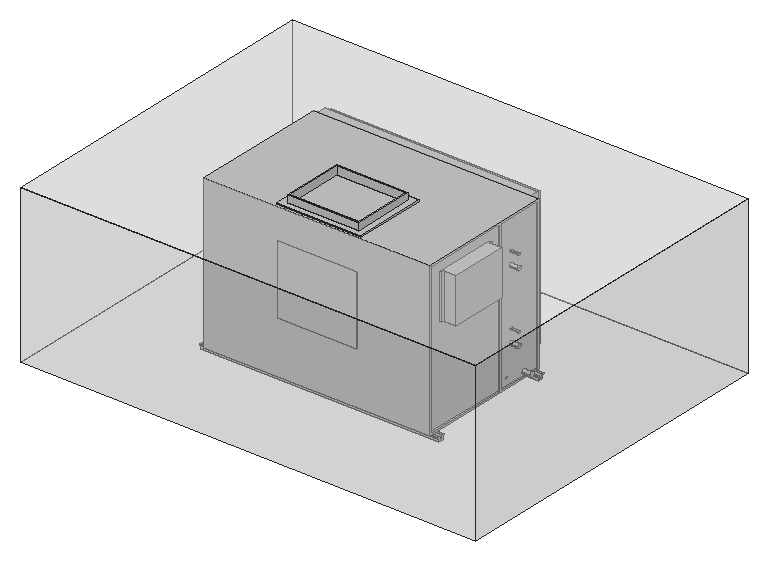
Revit family "outputfile", category 機械設備, Revit 2024
Family settings
  丸型コネクタ寸法 = 半径を使用
  パーツ タイプ = 標準
  OmniClass 番号 = 23.75.10.24.21.27.27
  OmniClass タイトル = Split System Air Conditioning Units
  作業面ベース = いいえ
  常に垂直 = はい
  ロード時にボイドで切り取り = いいえ
  注釈の向きを維持 = いいえ
  共有 = いいえ
  部屋計算ポイント = はい
Parameters (values of type "2FGN250HTL")
  Description = ""
  書き出し IFC クラス(タイプ) = "IfcUnitaryEquipmentType"
  定義済み IFC タイプ(タイプ) = "AIRCONDITIONINGUNIT"
  Cost = 0
  Type Comments = ""
  Keynote = ""
  Type Image = (empty or 0)
  Assembly Code = ""
  switch_frequency = yes
  lw_power = 930 mm
  lw_box = 97 mm
  lw_RA = 853 mm
  lh_liquidpipe_2 = 974 mm
  lh_height_SA = 482 mm
  lh_ld_mountinghole_height = 35 mm
  lh_height_RA = 1073 mm
  lh_hangerfixture = 35 mm
  lh_gaspipe_2 = 874 mm
  lh_box_top = 95 mm
  lh_box = 351 mm
  lh_SA = 1291 mm
  lh_RA = 659.5 mm
  ld_depth_SA = 301 mm
  ld_depth_RA = 130 mm
  ld_box_left = 115 mm
  ld_box = 490 mm
  connector_voltage = Voltage_60Hz  # 220 V
  connector_powerinput = [Power Input (Cooling)]  # 25.710 kW
  connector_phase = Phase_60Hz  # 3
  製造元 = "Daikin"
  モデル = "2FGN250HTL"
  w_pipe = 33 mm
  r_Liquid Pipe Size = Liquid Pipe Size / 2  # 6.35 mm
  r_Gas Pipe Size = Gas Pipe Size / 2  # 14.3 mm
  r_Drain Pipe Size = Drain Pipe Size / 2  # 17.0 mm
  lw_powersupply = lw_power  # 930 mm
  lw_width_RA = 1636 mm
  lw_width_SA = 560 mm
  lh_suctionflange [instance] = 100 mm
  ld_suctionflange [instance] = 190 mm
  ld_powersupply = 0 mm
  angle_vertical_RA [instance] = 90.00°
  angle horizontal_RA [instance] = 180.00°
  Voltage_comment_60Hz = "220"
  Voltage_60Hz = 220 V
  URL = ""
  Sound Power Level_H speed (dB) = 0
  Phase_60Hz = 3
  Minimum External Static Pressure = 0.00 Pa
  Minimum Circuit Amps_60Hz = 0.0 A
  Maximum Fuse Amps_60Hz = 0.0 A
  Maximum External Static Pressure = 200.00 Pa
  Material_Casing = DAIKIN_GalvanizedSteel_Casing_indoorunit
  lw_liquidpipe = 933 mm
  lw_gaspipe = 933 mm
  lw_mountinghole_pitch = 1826 mm
  lw_mountinghole = 1866 mm
  lw_drainpipe = 933 mm
  lh_powersupply = 785 mm
  lh_liquidpipe = 428 mm
  lh_gaspipe = 328 mm
  lh_mountinghole = 9 mm
  lh_drainpipe = 73 mm
  lh_antena = 1 mm
  ld_liquidpipe = 280.5 mm
  ld_gaspipe = 280.5 mm
  ld_mountinghole_pitch = 974 mm
  ld_drainpipe = 405.5 mm
  ld_controlbox = 626 mm
  h*** = 0 mm  # constant formula
  d_dischargeflange = 60 mm
  Width = 1766 mm
  Version = "ver.1.0"
  Unit Type = "Duct"
  Unit Mass Weight = 323.00 kg
  Unit Designation [instance] = ""
  Uniclass2015Version = "Products v1.30"
  Uniclass2015Title = "Split coil room air conditioning units"
  Uniclass2015Code = "Pr_70_65_03_86"
  Total Cooling Capacity [instance] = 0.000 kW
  Sound Pressure Level_M speed (dBA) = 0
  Sound Pressure Level_L speed (dBA) = 0
  Sound Pressure Level_H speed (dBA) = 63
  Series = "Package Aircon_Fan Coil Unit"
  Sensible Cooling Capacity [instance] = 0.000 kW
  SA Duct Size Width = 560 mm
  SA Duct Size Height = 482 mm
  Refrigerant Type = "R410A"
  RA Duct Size Width = 1636 mm
  RA Duct Size Height = 1073 mm
  Power Input (Cooling) = 25.710 kW
  Option Accessory 3 [instance] = ""
  Option Accessory 2 [instance] = ""
  Option Accessory 1 [instance] = ""
  Nominal Cooling Capacity = 70.926 kW
  Minimum Airflow = 0.00 m³/h
  Median Airflow = 0.00 m³/h
  Maximum Airflow = 12743.00 m³/h
  Load Classification = HVAC
  Liquid Pipe Size = 12.7 mm
  Link_Nested Family [instance] = ""
  IfcVersion = ""
  IfcExportType = "AIRCONDITIONINGUNIT"
  IfcExportAs = "IfcUnitaryEquipmentType"
  Height = 1231 mm
  Heat Exchanger Type = "Cross Fin Coil"
  Gas Pipe Size = 28.6 mm
  Frequency_60Hz = 60 Hz
  Fan Type = "Sirocco Fan"
  Fan Drive = "-"
  FCU Tag No. [instance] = ""
  Drain Pipe Size = 34.0 mm
  Design Supply Airflow [instance] = 0.00 m³/h
  Design Return Airflow [instance] = 0.00 m³/h
  Design External Static Pressure [instance] = 0.00 Pa
  Depth = 1069 mm
  既定の高さ = 0 mm
  Cooling Entering Wet Bulb Temperature [instance] = 0.00 °C
  Cooling Entering Dry Bulb Temperature [instance] = 0.00 °C
  Cooling Ambient Wet Bulb Temperature [instance] = 0.00 °C
  Cooling Ambient Dry Bulb Temperature [instance] = 0.00 °C
  Clearance visibility [instance] = yes
  Clearance Top = 0 mm
  Clearance Right = 1000 mm
  Clearance Rear = 800 mm
  Clearance Left = 800 mm
  Clearance Front = 800 mm
  Clearance Bottom = 0 mm
Reference planes
  plane 1 "Center (Front/Back)": y = 0
  plane 2: z = 0
  plane 3 "Center (Left/Right)": x = 0
  plane 4 "Back": y = 534.5
  plane 5 "Front": y = -534.5
  plane 6 "Left": x = -883
  plane 7 "Right": x = 883
  plane 8 "Top": z = 0
  plane 9 "Bottom": z = -1231
  plane 10: z = -803
  plane 11: z = -903
  plane 12: x = -913
  plane 13: x = 913
  plane 14: x = 933
  plane 15: x = 933
  plane 16: z = -1222
  plane 17 "Clearance Left": x = -1683
  plane 18 "Clearance Right": x = 1883
  plane 19 "Clearance Rear": y = 1334.5
  plane 20 "Clearance Front": y = -1334.5
  plane 21 "Clearance Bottom": z = -1231
  plane 22: z = -1158
  plane 23 "ld_gas": y = 280.5
  plane 24: y = 280.5
  plane 25: y = -30
  plane 26: y = 405.5
  plane 27: y = 344.5
  plane 28: x = 933
  plane 29: y = 487
  plane 30: y = -487
  plane 31: y = -233.5
  plane 32: y = 664.5
  plane 33 "Clearance Top": z = 0
  plane 34: z = -446
  plane 35: y = 0
  plane 36 "hangerfixture": z = -1196
  plane 37 "lh_SA": z = 60
  plane 38 "lh_RA": z = -571.5
  plane 39 "RA_center": x = -30
  plane 40: y = -524.5
  plane 41: y = 155.5
  plane 42: y = 524.5
  plane 43: z = -10
  plane 44: z = -1186
  plane 45: y = 165.5
  plane 46: y = -524.5
  plane 47: y = 155.5
  plane 48: y = 524.5
  plane 49: z = -10
  plane 50: z = -1186
  plane 51: y = 165.5
  plane 52: x = 883
  plane 53: x = 980
  plane 54: y = -419.5
  plane 55: y = -399.5
  plane 56: y = 50.5
  plane 57: y = 70.5
  plane 58 "box_bottom": z = -446
  plane 59 "box_top": z = -95
  plane 60: x = -310
  plane 61: x = 310
  plane 62: y = -534.5
  plane 63: y = -524.5
  plane 64 "lw_power": x = 930
  plane 65: z = -257
  plane 66: z = -357
Forms (mm)
  Extrusion 1, solid, material "DAIKIN_GalvanizedSteel_Casing_indoorunit" <- "Material_Casing"
    sketch origin (0, -0.8, 0) x (1, 0, 0) y (0, 1, 0)
      loop
        line (-883, -533.7) -> (883, -533.7) -> (883, 535.3) -> (-883, 535.3) -> (-883, -533.7)
    from -1196 to 0
  Revolve 2, solid, material "DAIKIN_GalvanizedSteel_Casing_indoorunit" <- "Material_Casing"
    sketch origin (0, 0, -903) x (0, -1, 0) y (1, 0, 0)
      loop
        line (-266.2, 863) -> (-266.2, 933) -> (-280.5, 933) -> (-280.5, 863) -> (-266.2, 863)
      axis (-280.5, 863) -> (-280.5, 933)
    angle from 0 to 360
  Revolve 3, solid, material "DAIKIN_GalvanizedSteel_Casing_indoorunit" <- "Material_Casing"
    sketch origin (0, 0, -803) x (0, -1, 0) y (1, 0, 0)
      loop
        line (-280.5, 863) -> (-280.5, 933) -> (-286.85, 933) -> (-286.85, 863) -> (-280.5, 863)
      axis (-280.5, 933) -> (-280.5, 863)
    angle from 0 to 360
  Extrusion 4, solid, material "DAIKIN_GalvanizedSteel_Casing_indoorunit" <- "Material_Casing"
    sketch origin (0, 0, 0) x (0, 1, 0) y (0, 0, 1)
      loop
        circle (405.5, -1158) r 17
    from 933 to 863
  Extrusion 5, void
    sketch origin (883, 0, 0) x (0, 1, 0) y (0, 0, 1)
      loop
        line (-524.5, -10) -> (-524.5, -1186) -> (155.5, -1186) -> (155.5, -10) -> (-524.5, -10)
      loop
        line (524.5, -10) -> (165.5, -10) -> (165.5, -1186) -> (524.5, -1186) -> (524.5, -10)
    from 0 to -20
  Extrusion 6, void
    sketch origin (-883, 0, 0) x (0, 1, 0) y (0, 0, 1)
      loop
        line (-524.5, -10) -> (-524.5, -1186) -> (155.5, -1186) -> (155.5, -10) -> (-524.5, -10)
      loop
        line (524.5, -10) -> (165.5, -10) -> (165.5, -1186) -> (524.5, -1186) -> (524.5, -10)
    from 0 to 20
  Extrusion 7, solid, material "DAIKIN_GalvanizedSteel_Casing_indoorunit" <- "Material_Casing"
    sketch origin (0, 0, 0) x (1, 0, 0) y (0, 1, 0)
      loop
        line (863, -419.5) -> (883, -419.5) -> (883, -399.5) -> (980, -399.5) -> (980, 50.5) -> (883, 50.5) -> (883, 70.5) -> (863, 70.5) -> (863, -419.5)
    from -446 to -95
  Extrusion 8, solid, material "DAIKIN_GalvanizedSteel_Casing_indoorunit" <- "Material_Casing"
    sketch origin (0, 0, -1231) x (-1, 0, 0) y (0, -1, 0)
      loop
        line (310, 524.5) -> (310, 534.5) -> (-310, 534.5) -> (-310, 524.5) -> (310, 524.5)
    from 444 to 986
  Revolve 9, solid, material "DAIKIN_GalvanizedSteel_Casing_indoorunit" <- "Material_Casing"
    sketch origin (0, 0, -357) x (0, -1, 0) y (1, 0, 0)
      loop
        line (-266.2, 863) -> (-266.2, 933) -> (-280.5, 933) -> (-280.5, 863) -> (-266.2, 863)
      axis (-280.5, 863) -> (-280.5, 933)
    angle from 0 to 360
  Revolve 10, solid, material "DAIKIN_GalvanizedSteel_Casing_indoorunit" <- "Material_Casing"
    sketch origin (0, 0, -257) x (0, -1, 0) y (1, 0, 0)
      loop
        line (-280.5, 863) -> (-280.5, 933) -> (-286.85, 933) -> (-286.85, 863) -> (-280.5, 863)
      axis (-280.5, 933) -> (-280.5, 863)
    angle from 0 to 360
  Extrusion 11, void
    sketch origin (883, 0, 0) x (0, 1, 0) y (0, 0, 1)
      loop
        circle (240, -1132) r 13.5
    from -21 to 0
Cuts and joins
  Extrusion 5, Extrusion 6, Extrusion 11 cuts Extrusion 1
  Extrusion 6 cuts Revolve 2
  Extrusion 6 cuts Revolve 3
  Extrusion 6 cuts Extrusion 4
Dimensions and locks
  equal spacing: plane 12, plane 3 "Center (Left/Right)", plane 13
  "lw_mountinghole_pitch": plane 12 to plane 13
  "lh_liquidpipe": plane 10 to plane 9 "Bottom"
  "lh_gaspipe": plane 11 to plane 9 "Bottom"
  equal spacing: plane 6 "Left", plane 3 "Center (Left/Right)", plane 7 "Right"
  "Width": plane 6 "Left" to plane 7 "Right"
  "Clearance Right": plane 7 "Right" to plane 18 "Clearance Right"
  "Clearance Left": plane 17 "Clearance Left" to plane 6 "Left"
  "Clearance Rear": plane 19 "Clearance Rear" to plane 4 "Back"
  "Clearance Front": plane 5 "Front" to plane 20 "Clearance Front"
  "Depth": plane 4 "Back" to plane 5 "Front"
  equal spacing: plane 4 "Back", plane 1 "Center (Front/Back)", plane 5 "Front"
  "ld_suctionflange": plane 4 "Back" to plane 27
  "r_Liquid Pipe Size": nested 5 to Revolve 3 sketch curve
  equal spacing: plane 29, plane 1 "Center (Front/Back)", plane 30
  "ld_mountinghole_pitch": plane 29 to plane 30
  "lw_liquidpipe": plane 3 "Center (Left/Right)" to plane 14
  "lw_gaspipe": plane 3 "Center (Left/Right)" to plane 15
  "lw_drainpipe": plane 3 "Center (Left/Right)" to plane 28
  "lh_drainpipe": plane 22 to plane 9 "Bottom"
  "Clearance Top": plane 33 "Clearance Top" to plane 8 "Top"
  "Clearance Bottom": plane 9 "Bottom" to plane 21 "Clearance Bottom"
  "lh_powersupply": plane 34 to plane 9 "Bottom"
  plane 8 "Top" to level = 0 mm
  "lh_hangerfixture": plane 36 "hangerfixture" to plane 9 "Bottom"
  "lh_SA": plane 37 "lh_SA" to plane 9 "Bottom"
  "ld_depth_RA": plane 32 to plane 4 "Back"
  "lh_RA": plane 38 "lh_RA" to plane 9 "Bottom"
  "lw_RA": plane 6 "Left" to plane 39 "RA_center"
  locked: plane 36 "hangerfixture" to plane 44 at 10
  plane 5 "Front" to plane 40 = 10 mm
  locked: plane 8 "Top" to plane 43 at 10
  plane 42 to plane 4 "Back" = 10 mm
  plane 40 to plane 41 = 680 mm
  locked: plane 45 to plane 42 at 359
  locked: plane 46 to plane 47 at 680
  locked: plane 51 to plane 48 at 359
  plane 5 "Front" to plane 46 = 10 mm
  plane 48 to plane 4 "Back" = 10 mm
  locked: plane 8 "Top" to plane 49 at 10
  locked: plane 50 to plane 36 "hangerfixture" at 10
  "ld_box_left": plane 54 to plane 5 "Front"
  "ld_box": plane 57 to plane 54
  locked: plane 55 to plane 54 at 20
  locked: plane 57 to plane 56 at 20
  cut or joined group of Extrusion 1, Extrusion 5, Extrusion 6, Extrusion 11 to plane 52 = 20 mm
  "lw_box": plane 7 "Right" to plane 53
  "lh_box_top": plane 8 "Top" to plane 59 "box_top"
  "lh_box": plane 59 "box_top" to plane 58 "box_bottom"
  plane 60 to plane 3 "Center (Left/Right)" to plane 61 = 310 mm locked, 310 mm locked
  "lw_power": plane 3 "Center (Left/Right)" to plane 64 "lw_power"
  "lh_gaspipe_2": plane 66 to plane 9 "Bottom"
  "lh_liquidpipe_2": plane 65 to plane 9 "Bottom"
  "ld_powersupply": plane 35 to plane 1 "Center (Front/Back)"
  "ld_drainpipe": plane 26 to plane 1 "Center (Front/Back)"
  "ld_gaspipe": plane 23 "ld_gas" to plane 1 "Center (Front/Back)"
  "r_Gas Pipe Size": plane 23 "ld_gas" to Revolve 9 sketch curve
  "r_Gas Pipe Size": plane 23 "ld_gas" to Revolve 2 sketch curve
  "r_Liquid Pipe Size": Revolve 10 sketch curve to plane 24
  "ld_liquidpipe": plane 24 to plane 1 "Center (Front/Back)"
  "ld_depth_SA": plane 31 to plane 5 "Front"
  locked: plane 62 to plane 5 "Front"
  locked: plane 63 to plane 62 at 10
  plane 1 "Center (Front/Back)" to Extrusion 11 sketch curve = 240 mm
  Extrusion 11 sketch curve to plane 9 "Bottom" = 99 mm
  "Height": plane 8 "Top" to plane 9 "Bottom"
  "lh_mountinghole": plane 16 to plane 9 "Bottom"
  "r_Drain Pipe Size": radius of Extrusion 4 sketch curve
  diameter of Extrusion 11 sketch curve = 27 mm
  aligned and locked: level to plane 2
  aligned and locked: plane 8 "Top" to Extrusion 1
  aligned and locked: Revolve 2 sketch curve to Revolve 2 sketch curve
  aligned and locked: plane 14 to nested 5
  aligned and locked: nested 5 to plane 10
  aligned and locked: plane 13 to nested 2
  aligned and locked: plane 12 to nested 3
  aligned and locked: plane 12 to nested 4
  aligned and locked: nested 6 to plane 11
  aligned and locked: plane 23 "ld_gas" to nested 6
  aligned and locked: plane 24 to nested 5
  aligned and locked: Extrusion 4 sketch curve to plane 26
  aligned and locked: nested 10 to plane 19 "Clearance Rear"
  aligned and locked: nested 10 to plane 18 "Clearance Right"
  aligned and locked: nested 10 to plane 17 "Clearance Left"
  aligned and locked: nested 10 to plane 20 "Clearance Front"
  aligned and locked: plane 28 to Extrusion 4
  aligned and locked: plane 15 to nested 6  (x2)
  aligned and locked: plane 13 to nested 1
  aligned and locked: plane 26 to nested 7
  aligned and locked: nested 7 to plane 22
  aligned and locked: nested 7 to plane 28
  aligned and locked: plane 29 to nested 1
  aligned and locked: plane 30 to nested 2
  aligned and locked: nested 4 to plane 29
  aligned and locked: nested 3 to plane 30
  aligned and locked: nested 9 to plane 4 "Back"
  aligned and locked: plane 32 to nested 13
  aligned and locked: plane 3 "Center (Left/Right)" to nested 12
  aligned and locked: nested 10 to plane 33 "Clearance Top"
  aligned and locked: nested 10 to plane 21 "Clearance Bottom"
  aligned and locked: nested 11 to plane 9 "Bottom"
  aligned and locked: plane 36 "hangerfixture" to Extrusion 1
  aligned and locked: Extrusion 1 to plane 5 "Front"
  aligned and locked: Extrusion 1 to plane 4 "Back"
  aligned and locked: plane 38 "lh_RA" to nested 9
  aligned and locked: nested 13 to plane 38 "lh_RA"
  aligned and locked: plane 39 "RA_center" to nested 9
  aligned and locked: nested 13 to plane 39 "RA_center"
  aligned and locked: Extrusion 5 sketch curve to plane 43
  aligned and locked: Extrusion 5 sketch curve to plane 40
  aligned and locked: plane 44 to Extrusion 5 sketch curve
  aligned and locked: Extrusion 5 sketch curve to plane 41
  aligned and locked: plane 43 to Extrusion 5 sketch curve
  aligned and locked: Extrusion 5 sketch curve to plane 42
  aligned and locked: Extrusion 5 sketch curve to plane 44
  aligned and locked: Extrusion 5 sketch curve to plane 45
  aligned and locked: Extrusion 6 sketch curve to plane 49
  aligned and locked: Extrusion 6 sketch curve to plane 46
  aligned and locked: plane 50 to Extrusion 6 sketch curve
  aligned and locked: Extrusion 6 sketch curve to plane 47
  aligned and locked: plane 49 to Extrusion 6 sketch curve
  aligned and locked: Extrusion 6 sketch curve to plane 48
  aligned and locked: Extrusion 6 sketch curve to plane 50
  aligned and locked: Extrusion 6 sketch curve to plane 51
  aligned and locked: cut or joined group of Extrusion 1, Extrusion 5, Extrusion 6, Extrusion 11 to Extrusion 7 sketch curve
  aligned and locked: plane 57 to Extrusion 7 sketch curve
  aligned and locked: plane 53 to Extrusion 7 sketch curve
  aligned and locked: Extrusion 7 sketch curve to plane 54
  aligned and locked: plane 59 "box_top" to Extrusion 7
  aligned and locked: Extrusion 7 to plane 58 "box_bottom"
  aligned and locked: Extrusion 8 sketch curve to plane 63
  aligned and locked: Extrusion 8 sketch curve to plane 60
  aligned and locked: plane 62 to Extrusion 8 sketch curve
  aligned and locked: plane 61 to Extrusion 8 sketch curve
  aligned and locked: Revolve 9 sketch curve to Revolve 9 sketch curve
  aligned and locked: nested 15 to plane 65
  aligned and locked: nested 16 to plane 66
  aligned and locked: Revolve 10 to plane 14
  aligned and locked: plane 14 to nested 15
  aligned and locked: plane 15 to cut or joined group of Revolve 2, Extrusion 6  (x3)
  aligned and locked: cut or joined group of Revolve 2, Extrusion 6 to plane 15
  aligned and locked: nested 14 to plane 35
  aligned and locked: Revolve 2 sketch curve to plane 23 "ld_gas"
  aligned and locked: plane 23 "ld_gas" to nested 16
  aligned and locked: plane 24 to nested 15
  aligned and locked: plane 37 "lh_SA" to nested 12
  aligned and locked: plane 37 "lh_SA" to nested 8
  aligned and locked: plane 31 to nested 12
  aligned and locked: plane 31 to nested 8
  aligned and locked: cut or joined group of Extrusion 1, Extrusion 5, Extrusion 6, Extrusion 11 to cut or joined group of Extrusion 4, Extrusion 6
  aligned and locked: cut or joined group of Extrusion 1, Extrusion 5, Extrusion 6, Extrusion 11 to Revolve 10
  aligned and locked: Revolve 9 to cut or joined group of Extrusion 1, Extrusion 5, Extrusion 6, Extrusion 11
  aligned and locked: cut or joined group of Extrusion 1, Extrusion 5, Extrusion 6, Extrusion 11 to cut or joined group of Revolve 3, Extrusion 6
  aligned and locked: cut or joined group of Revolve 2, Extrusion 6 to cut or joined group of Extrusion 1, Extrusion 5, Extrusion 6, Extrusion 11
  aligned and locked: plane 52 to Extrusion 7 sketch curve
  aligned and locked: Extrusion 7 sketch curve to plane 55
  aligned and locked: Extrusion 7 sketch curve to plane 56
  aligned and locked: Extrusion 7 sketch curve to plane 52
  aligned and locked: nested 14 to plane 64 "lw_power"
  aligned and locked: nested 14 to plane 34
Automatic sketch dimensions
  Extrusion 1 sketch curve to plane 4 "Back" = 0 mm
  Extrusion 1 sketch curve to plane 6 "Left" = 0 mm
  Extrusion 1 sketch curve to plane 5 "Front" = 0 mm
  Extrusion 1 sketch curve to plane 7 "Right" = 0 mm
  Revolve 3 sketch curve to plane 23 "ld_gas" = 0 mm  (x2)
  Revolve 3 sketch curve to plane 14 = 0 mm  (x2)
  Revolve 3 sketch curve to plane 7 "Right" = 20 mm
  plane 7 "Right" to Revolve 3 sketch curve = 15 mm
  Extrusion 4 sketch curve to plane 22 = 0 mm
  Revolve 10 sketch curve to plane 23 "ld_gas" = 0 mm  (x2)
  Revolve 10 sketch curve to plane 14 = 0 mm  (x2)
  Revolve 10 sketch curve to plane 7 "Right" = 20 mm
  plane 7 "Right" to Revolve 10 sketch curve = 15 mm
  Revolve 2 sketch curve to plane 14 = 0 mm
  Revolve 2 sketch curve to plane 7 "Right" = 20 mm
  plane 7 "Right" to Revolve 2 sketch curve = 2.003 mm
  plane 14 to Revolve 2 sketch curve = 1.003 mm
  Revolve 9 sketch curve to plane 23 "ld_gas" = 0 mm
  Revolve 9 sketch curve to plane 14 = 0 mm
  Revolve 9 sketch curve to plane 7 "Right" = 20 mm
  plane 7 "Right" to Revolve 9 sketch curve = 2.003 mm
  plane 14 to Revolve 9 sketch curve = 1.003 mm
Nested families
  nested 1: "daikin_mountinghole" at (913, 487, -1231), Link_Nested Family <- "Link_Nested Family", h_mountinghole <- "lh_mountinghole", l_antenna <- "lh_antena", type "daikin_mountinghole"
    with show yes, l_antenna 1 mm, h_mountinghole 9 mm, Link_Nested Family "", d_circle 23 mm
  nested 2: "daikin_mountinghole" at (913, -487, -1231), Link_Nested Family <- "Link_Nested Family", h_mountinghole <- "lh_mountinghole", l_antenna <- "lh_antena", type "daikin_mountinghole"
    with show yes, l_antenna 1 mm, h_mountinghole 9 mm, Link_Nested Family "", d_circle 23 mm
  nested 3: "daikin_mountinghole" at (-913, -487, -1231), Link_Nested Family <- "Link_Nested Family", h_mountinghole <- "lh_mountinghole", l_antenna <- "lh_antena", type "daikin_mountinghole"
    with show yes, l_antenna 1 mm, h_mountinghole 9 mm, Link_Nested Family "", d_circle 23 mm
  nested 4: "daikin_mountinghole" at (-913, 487, -1231), Link_Nested Family <- "Link_Nested Family", h_mountinghole <- "lh_mountinghole", l_antenna <- "lh_antena", type "daikin_mountinghole"
    with show yes, l_antenna 1 mm, h_mountinghole 9 mm, Link_Nested Family "", d_circle 23 mm
  nested 5: "daikin_connector_rotate2" at (0, 280.5, -803) x (0, 1, 0) z (0, 0, 1), length <- "lw_liquidpipe", built-in parameter 1001364 <- "lh_liquidpipe", radius <- "r_Liquid Pipe Size", type "daikin_connector_rotate2"
    with radius 6.35 mm, length 933 mm, angle_vertical 90.00°
  nested 6: "daikin_connector_rotate2" at (0, 280.5, -903) x (0, 1, 0) z (0, 0, 1), length <- "lw_gaspipe", built-in parameter 1001364 <- "lh_gaspipe", radius <- "r_Gas Pipe Size", type "daikin_connector_rotate2"
    with radius 14.3 mm, length 933 mm, angle_vertical 90.00°
  nested 7: "daikin_connector_rotate2" at (0, 405.5, -1158) x (0, 1, 0) z (0, 0, 1), built-in parameter 1001364 <- "lh_drainpipe", length <- "lw_drainpipe", radius <- "r_Drain Pipe Size", type "daikin_connector_rotate2"
    with radius 17 mm, length 933 mm, angle_vertical 90.00°
  nested 8: "daikin_connector_rotate2" at (0, -233.5, 0) x (1, 0, 0) z (0, 1, 0), length <- "d_dischargeflange", type "daikin_connector_rotate2"
    with radius 10 mm, length 60 mm, angle_vertical 90.00°
  nested 9: "daikin_ductflange_2FGN-HTL" at (-30, 534.5, -571.5), material <- "Material_Casing", width <- "lw_width_RA", height <- "lh_height_RA", depth <- "ld_depth_RA", type "daikin_ductflange_2FGN-HTL"
    with width 1636 mm, material DAIKIN_GalvanizedSteel_Casing_indoorunit, height 1073 mm, depth 130 mm
  nested 10: "daikin_clearancespace" at (100, 0, -615.381), visible <- "Clearance visibility", show <- "Clearance visibility", Link_Nested Family <- "Link_Nested Family", type "daikin_clearancespace"
    with width 3566 mm, show yes, height 1231 mm, depth 2669 mm, Link_Nested Family ""
  nested 11: "daikin_hangerfixture_2FGN-HTL" at (0, 0, -1231), type "daikin_hangerfixture_2FGN-HTL"
  nested 12: "daikin_ductflange_2FGN-HTL_1" at (0, -422.901, 0) x (1, 0, 0) z (0, 1, 0), width <- "lw_width_SA", material <- "Material_Casing", height <- "lh_height_SA", depth <- "d_dischargeflange", type "daikin_ductflange_2FGN-HTL_1"
    with width 560 mm, t 10 mm, material DAIKIN_GalvanizedSteel_Casing_indoorunit, height 482 mm, depth 60 mm
  nested 13: "daikin_connector_rotate2" at (-30, 534.5, -571.5) x (-1, 0, 0) z (0, 0, 1), length <- "ld_depth_RA", type "daikin_connector_rotate2"
    with radius 10 mm, length 130 mm, angle_vertical 90.00°
  nested 14: "daikin_connector_rotate2" at (930, 0, -95) x (0, 1, 0) z (1, 0, 0), length <- "lh_box", type "daikin_connector_rotate2"
    with radius 10 mm, length 351 mm, angle_vertical 90.00°
  nested 15: "daikin_connector_rotate2" at (0, 280.5, -257) x (0, 1, 0) z (0, 0, 1), length <- "lw_liquidpipe", built-in parameter 1001364 <- "lh_liquidpipe", radius <- "r_Liquid Pipe Size", type "daikin_connector_rotate2"
    with radius 6.35 mm, length 933 mm, angle_vertical 90.00°
  nested 16: "daikin_connector_rotate2" at (0, 280.5, -357) x (0, 1, 0) z (0, 0, 1), length <- "lw_gaspipe", built-in parameter 1001364 <- "lh_gaspipe", radius <- "r_Gas Pipe Size", type "daikin_connector_rotate2"
    with radius 14.3 mm, length 933 mm, angle_vertical 90.00°
Connectors
  piping at (933, 280.5, -903), diameter 28.6, driven by "r_Gas Pipe Size"
    settings: on nested 6, index 1, connector inside diameter 609.6 mm, connector length 0 mm, flow factor 0, pipe flow 0.00 m³/h, pressure drop 0.0 Pa, fitting loss kfactor 0, connector angle 0.00°, fixture units 0, engagement length 0 mm, angle of deflection 0.00°, flow configuration 1, flow direction 2, fitting loss method 0, system type 29, joint type 0, gender type 0, connector reference index -1, connector utility 0, adjustable connector no, is connector primary yes, connector description "Refrigerant Gas Piping"
  piping at (933, 280.5, -803), diameter 12.7, driven by "r_Liquid Pipe Size"
    settings: on nested 5, index 2, connector inside diameter 609.6 mm, connector length 0 mm, flow factor 0, pipe flow 0.00 m³/h, pressure drop 0.0 Pa, fitting loss kfactor 0, connector angle 0.00°, fixture units 0, engagement length 0 mm, angle of deflection 0.00°, flow configuration 1, flow direction 1, fitting loss method 0, system type 29, joint type 0, gender type 0, connector reference index -1, connector utility 0, adjustable connector no, is connector primary no, connector description "Refrigerant Liquid Piping"
  piping at (933, 405.5, -1158), diameter 34, driven by "r_Drain Pipe Size"
    settings: on nested 7, index 3, connector inside diameter 609.6 mm, connector length 0 mm, flow factor 0, pipe flow 0.00 m³/h, pressure drop 0.0 Pa, fitting loss kfactor 0, connector angle 0.00°, fixture units 0, engagement length 0 mm, angle of deflection 0.00°, flow configuration 1, flow direction 2, fitting loss method 4, system type 16, joint type 0, gender type 0, connector reference index -1, connector utility 0, adjustable connector no, is connector primary no, connector description "Condensate Drain Piping"
  hvac at (0, -233.5, 60), driven by "SA Duct Size Height", driven by "SA Duct Size Width"
    settings: on nested 8, index 7, duct flow 0.00 m³/h, flow factor 0, pres drop 0.00 Pa, loss coef 0, conn angle 0.00°, conn width 560.0 mm, conn height 482.0 mm, conn diameter 609.6 mm, duct sys type 1, conn prof type 1, flow config 0, flow direction 2, loss method 4, conn ref index -1, conn util no, is conn primary yes, conn desc "SA Duct"
  hvac at (-30, 664.5, -571.5), driven by "RA Duct Size Width", driven by "RA Duct Size Height"
    settings: on nested 13, index 8, duct flow 0.00 m³/h, flow factor 0, pres drop 0.00 Pa, loss coef 0, conn angle 0.00°, conn width 1636.0 mm, conn height 1073.0 mm, conn diameter 609.6 mm, duct sys type 2, conn prof type 1, flow config 0, flow direction 1, loss method 4, conn ref index -1, conn util no, is conn primary no, conn desc "RA Duct"
  electrical at (930, 0, -446), driven by "Load Classification", driven by "connector_phase", driven by "connector_powerinput", driven by "connector_voltage"
    settings: on nested 14, index 9, voltage 220 V, apparent load 25710 VA, apparent load phase1 0 VA, apparent load phase2 0 VA, apparent load phase3 0 VA, power factor 1, load classification "HVAC", number of poles 3, system type 30, power factor state 1, is connector primary yes, connector utility no, sub classification motor no, connector description "Power Supply"
  piping at (933, 280.5, -357), diameter 28.6, driven by "r_Gas Pipe Size"
    settings: on nested 16, index 10, connector inside diameter 609.6 mm, connector length 0 mm, flow factor 0, pipe flow 0.00 m³/h, pressure drop 0.0 Pa, fitting loss kfactor 0, connector angle 0.00°, fixture units 0, engagement length 0 mm, angle of deflection 0.00°, flow configuration 1, flow direction 2, fitting loss method 0, system type 29, joint type 0, gender type 0, connector reference index -1, connector utility 0, adjustable connector no, is connector primary no, connector description "Refrigerant Gas Piping"
  piping at (933, 280.5, -257), diameter 12.7, driven by "r_Liquid Pipe Size"
    settings: on nested 15, index 11, connector inside diameter 609.6 mm, connector length 0 mm, flow factor 0, pipe flow 0.00 m³/h, pressure drop 0.0 Pa, fitting loss kfactor 0, connector angle 0.00°, fixture units 0, engagement length 0 mm, angle of deflection 0.00°, flow configuration 1, flow direction 1, fitting loss method 0, system type 29, joint type 0, gender type 0, connector reference index -1, connector utility 0, adjustable connector no, is connector primary no, connector description "Refrigerant Liquid Piping"
Definition of nested family "daikin_ductflange_2FGN-HTL"
  Parameters (values of type "daikin_ductflange_2FDN200HTL")
    width [instance] = 1636 mm
    material [instance] = none
    height [instance] = 747 mm
    depth [instance] = 130 mm
    Default Elevation = 0 mm
  Reference planes
    plane 1 "Center (Front/Back)": y = 0
    plane 2: z = 0
    plane 3 "Center (Left/Right)": x = 0
    plane 4: x = -818
    plane 5: x = 818
    plane 6: z = 373.5
    plane 7: z = -373.5
    plane 8: y = 90
    plane 9: y = 130
    plane 10: x = -813
    plane 11: x = 813
    plane 12: z = -368.5
    plane 13: z = 368.5
    plane 14: x = -833
    plane 15: x = 833
    plane 16: z = 393.5
    plane 17: z = -373.5
  Forms (mm)
    Extrusion 1, solid, material <- "material"
      sketch origin (0, 0, 0) x (1, 0, 0) y (0, 0, 1)
        loop
          line (-833, 393.5) -> (-833, -373.5) -> (833, -373.5) -> (833, 393.5) -> (-833, 393.5)
        loop
          line (-813, 368.5) -> (-813, -368.5) -> (813, -368.5) -> (813, 368.5) -> (-813, 368.5)
      from 0 to -90
    Extrusion 2, solid, material <- "material"
      sketch origin (0, 0, 0) x (1, 0, 0) y (0, 0, 1)
        loop
          line (-818, 373.5) -> (-818, -373.5) -> (818, -373.5) -> (818, 373.5) -> (-818, 373.5)
        loop
          line (813, 368.5) -> (-813, 368.5) -> (-813, -368.5) -> (813, -368.5) -> (813, 368.5)
      from -130 to -90
  Cuts and joins
    joined: Extrusion 1, Extrusion 2
  Dimensions and locks
    equal spacing: plane 5, plane 3 "Center (Left/Right)", plane 4
    "width": plane 5 to plane 4
    equal spacing: plane 6, level, plane 7
    "height": plane 6 to plane 7
    locked: plane 1 "Center (Front/Back)" to plane 8 at 90
    "depth": plane 1 "Center (Front/Back)" to plane 9
    plane 6 to plane 13 = 5 mm
    plane 12 to plane 7 = 5 mm
    plane 5 to plane 11 = 5 mm
    plane 10 to plane 4 = 5 mm
    plane 4 to plane 14 = 15 mm
    plane 15 to plane 5 = 15 mm
    locked: plane 16 to plane 6 at 20
    locked: plane 7 to plane 17
    aligned and locked: level to plane 2
    aligned and locked: Extrusion 1 to plane 8
    aligned and locked: plane 1 "Center (Front/Back)" to Extrusion 1
    aligned and locked: Extrusion 2 to plane 9
    aligned and locked: Extrusion 2 to Extrusion 1
    aligned and locked: plane 13 to Extrusion 2 sketch curve
    aligned and locked: plane 11 to Extrusion 2 sketch curve
    aligned and locked: Extrusion 2 sketch curve to plane 12
    aligned and locked: Extrusion 2 sketch curve to plane 10
    aligned and locked: Extrusion 1 sketch curve to plane 16
    aligned and locked: plane 14 to Extrusion 1 sketch curve
    aligned and locked: plane 17 to Extrusion 1 sketch curve
    aligned and locked: Extrusion 1 sketch curve to plane 15
  Automatic sketch dimensions
    Extrusion 2 sketch curve to plane 4 = 0 mm
    Extrusion 2 sketch curve to plane 5 = 0 mm
    Extrusion 2 sketch curve to plane 7 = 0 mm
    Extrusion 2 sketch curve to plane 6 = 0 mm
    plane 4 to Extrusion 1 sketch curve = 5 mm
    Extrusion 1 sketch curve to plane 5 = 5 mm
    plane 7 to Extrusion 1 sketch curve = 5 mm
    Extrusion 1 sketch curve to plane 6 = 5 mm
Definition of nested family "daikin_clearancespace"
  Parameters (values of type "daikin_clearancespace")
    Description = "daikin_clearancespace"
    width [instance] = 1823.963 mm
    show [instance] = yes
    material = none
    height [instance] = 1359.762 mm
    depth [instance] = 880 mm
    Default Elevation = 0 mm
    Link_Nested Family [instance] = ""
  Reference planes
    plane 1 "Center (Front/Back)": y = 0
    plane 2 "Center (Elevation)": z = -0.119
    plane 3 "Center (Left/Right)": x = 0
    plane 4: y = 440
    plane 5: y = -440
    plane 6 "Right": x = 911.982
    plane 7 "Left": x = -911.982
    plane 8 "Top": z = 679.762
    plane 9 "Bottom": z = -680
  Forms (mm)
    Extrusion 1, solid, material <- "material", visible <- "show"
      sketch origin (0, 0, 0) x (1, 0, 0) y (0, 1, 0)
        loop
          line (-911.982, 440) -> (-911.982, -440) -> (911.982, -440) -> (911.982, 440) -> (-911.982, 440)
      from -680 to 679.762
  Lines and regions (mm)
    symbolic lines, visible <- "show"
      curve 1: line (911.982, 440, 0) -> (-911.982, 440, 0)
      curve 2: line (-911.982, 440, 0) -> (-911.982, -440, 0)
      curve 3: line (-911.982, -440, 0) -> (911.982, -440, 0)
      curve 4: line (911.982, -440, 0) -> (911.982, 440, 0)
      curve 5: line (911.982, 0, 679.762) -> (-911.982, 0, 679.762)
      curve 6: line (911.982, 0, -680) -> (911.982, 0, 679.762)
      curve 7: line (-911.982, 0, -680) -> (911.982, 0, -680)
      curve 8: line (-911.982, 0, 679.762) -> (-911.982, 0, -680)
      curve 9: line (0, 440, 679.762) -> (0, -440, 679.762)
      curve 10: line (0, -440, 679.762) -> (0, -440, -680)
      curve 11: line (0, 440, -680) -> (0, 440, 679.762)
      curve 12: line (0, -440, -680) -> (0, 440, -680)
  Dimensions and locks
    "width": plane 7 "Left" to plane 6 "Right"
    "depth": plane 4 to plane 5
    "height": plane 8 "Top" to plane 9 "Bottom"
    equal spacing: plane 7 "Left", plane 3 "Center (Left/Right)", plane 6 "Right"
    equal spacing: plane 4, plane 1 "Center (Front/Back)", plane 5
    equal spacing: plane 8 "Top", plane 2 "Center (Elevation)", plane 9 "Bottom"
    aligned and locked: level to plane 2 "Center (Elevation)"
    aligned and locked: Extrusion 1 sketch curve to plane 4
    aligned and locked: plane 7 "Left" to Extrusion 1 sketch curve
    aligned and locked: Extrusion 1 sketch curve to plane 5
    aligned and locked: Extrusion 1 sketch curve to plane 6 "Right"
    aligned and locked: plane 8 "Top" to Extrusion 1
    aligned and locked: curve 1 to Extrusion 1
    aligned and locked: curve 2 to Extrusion 1
    aligned and locked: curve 3 to Extrusion 1
    aligned and locked: curve 4 to Extrusion 1
    aligned and locked: curve 5 to Extrusion 1
    aligned and locked: curve 6 to Extrusion 1
    aligned and locked: curve 7 to Extrusion 1
    aligned and locked: curve 8 to Extrusion 1
    aligned and locked: curve 9 to Extrusion 1
    aligned and locked: curve 10 to Extrusion 1
    aligned and locked: curve 11 to Extrusion 1
    aligned and locked: curve 12 to Extrusion 1
    aligned and locked: Extrusion 1 to plane 9 "Bottom"
Definition of nested family "daikin_hangerfixture_2FGN-HTL"
  Parameters (values of type "daikin_hangerfixture_2FDN200HTL")
    width = 1826 mm
    material = none
    height = 35 mm
    e = 40 mm
    depth = 974 mm
    Default Elevation = 0 mm
    G = 1866 mm
    E = 50 mm
  Reference planes
    plane 1 "Center (Front/Back)": y = 0
    plane 2: z = 0
    plane 3 "Center (Left/Right)": x = 0
    plane 4: x = 913
    plane 5: x = -913
    plane 6: z = 35
    plane 7: y = 487
    plane 8: y = -487
    plane 9: x = -933
    plane 10: x = 933
    plane 11: y = 527
    plane 12: y = -527
  Forms (mm)
    Extrusion 1, solid
      sketch origin (0, 0, 0) x (0, 1, 0) y (0, 0, 1)
        loop
          line (-505, 0) -> (-469, 0) -> (-469, 30) -> (-458, 30) -> (-458, 35) -> (-474, 35) -> (-474, 5) -> (-500, 5) -> (-500, 35) -> (-518, 35) -> (-518, 30) -> (-505, 30) -> (-505, 0)
        loop
          line (505, 0) -> (505, 30) -> (518, 30) -> (518, 35) -> (500, 35) -> (500, 5) -> (474, 5) -> (474, 35) -> (458, 35) -> (458, 30) -> (469, 30) -> (469, 0) -> (505, 0)
      from -933 to 933
    Extrusion 2, void
      sketch origin (0, 0, 0) x (1, 0, 0) y (0, 1, 0)
        loop
          circle (-913, 487) r 11.5
        loop
          circle (-913, -487) r 11.5
        loop
          circle (913, -487) r 11.5
        loop
          circle (913, 487) r 11.5
      from 0 to 9
  Cuts and joins
    Extrusion 2 cuts Extrusion 1
  Dimensions and locks
    "width": plane 5 to plane 4
    equal spacing: plane 5, plane 3 "Center (Left/Right)", plane 4
    "depth": plane 8 to plane 7
    equal spacing: plane 8, plane 1 "Center (Front/Back)", plane 7
    "height": plane 6 to level
    "e": plane 7 to plane 11
    "e": plane 12 to plane 8
    equal spacing: plane 9, plane 3 "Center (Left/Right)", plane 10
    "G": plane 9 to plane 10
    aligned and locked: level to plane 2
    aligned and locked: Extrusion 1 to plane 9
    aligned and locked: plane 10 to Extrusion 1
    aligned and locked: plane 7 to Extrusion 2 sketch curve  (x2)
    aligned and locked: plane 5 to Extrusion 2 sketch curve  (x2)
    aligned and locked: plane 8 to Extrusion 2 sketch curve  (x2)
    aligned and locked: plane 4 to Extrusion 2 sketch curve  (x2)
  Automatic sketch dimensions
    Extrusion 1 sketch curve to plane 6 = 0 mm  (x4)
    Extrusion 1 sketch curve to level = 0 mm  (x2)
    Extrusion 1 sketch curve to plane 6 = 5 mm  (x3)
    Extrusion 1 sketch curve to plane 12 = 9 mm
    Extrusion 1 sketch curve to Extrusion 1 sketch curve = 13 mm  (x2)
    Extrusion 1 sketch curve to Extrusion 1 sketch curve = 5 mm  (x5)
    Extrusion 1 sketch curve to plane 8 = 13 mm
    Extrusion 1 sketch curve to Extrusion 1 sketch curve = 11 mm
    plane 7 to Extrusion 1 sketch curve = 29 mm
    plane 7 to Extrusion 1 sketch curve = 18 mm
    Extrusion 1 sketch curve to plane 7 = 13 mm
    level to Extrusion 1 sketch curve = 5 mm  (x2)
    radius of Extrusion 2 sketch curve = 11.5 mm  (x4)
Definition of nested family "daikin_ductflange_2FGN-HTL_1"
  Parameters (values of type "daikin_ductflange_2FDN200HTL_1")
    width [instance] = 474 mm
    t [instance] = 10 mm
    material [instance] = none
    height [instance] = 408 mm
    depth [instance] = 60 mm
    Default Elevation = 0 mm
  Reference planes
    plane 1 "Center (Front/Back)": y = 0
    plane 2: z = 189.401
    plane 3 "Center (Left/Right)": x = 0
    plane 4: y = 0
    plane 5: y = -60
    plane 6: y = -10
    plane 7: z = 393.401
    plane 8: z = -14.599
    plane 9: x = -227
    plane 10: x = 227
    plane 11: x = -237
    plane 12: x = 237
    plane 13: z = 383.401
    plane 14: z = -4.599
    plane 15: x = -287
    plane 16: z = 433.401
    plane 17: z = -54.599
    plane 18: x = 287
  Forms (mm)
    Extrusion 1, solid, material <- "material"
      sketch origin (0, 0, 0) x (1, 0, 0) y (0, 0, 1)
        loop
          line (-237, 393.401) -> (-237, -14.599) -> (237, -14.599) -> (237, 393.401) -> (-237, 393.401)
        loop
          line (-227, 383.401) -> (-227, -4.599) -> (227, -4.599) -> (227, 383.401) -> (-227, 383.401)
      from 10 to 60
    Extrusion 2, solid, material <- "material"
      sketch origin (0, 0, 0) x (1, 0, 0) y (0, 0, 1)
        loop
          line (-287, 433.401) -> (-287, -54.599) -> (287, -54.599) -> (287, 433.401) -> (-287, 433.401)
        loop
          line (-227, 383.401) -> (-227, -4.599) -> (227, -4.599) -> (227, 383.401) -> (-227, 383.401)
      from 0 to 10
  Cuts and joins
    joined: Extrusion 1, Extrusion 2
  Dimensions and locks
    plane 4 to plane 1 "Center (Front/Back)" = 0 mm
    "depth": plane 5 to plane 4
    plane 6 to plane 4 = 10 mm
    equal spacing: plane 7, level, plane 8
    "height": plane 7 to plane 8
    equal spacing: plane 10, plane 3 "Center (Left/Right)", plane 9
    "t": plane 9 to plane 11
    "t": plane 12 to plane 10
    "t": plane 7 to plane 13
    "t": plane 14 to plane 8
    plane 11 to plane 15 = 50 mm
    plane 18 to plane 12 = 50 mm
    plane 16 to plane 7 = 40 mm
    plane 8 to plane 17 = 40 mm
    "width": plane 12 to plane 11
    aligned and locked: level to plane 2
    aligned and locked: Extrusion 1 sketch curve to plane 7
    aligned and locked: plane 11 to Extrusion 1 sketch curve
    aligned and locked: plane 8 to Extrusion 1 sketch curve
    aligned and locked: Extrusion 1 sketch curve to plane 12
    aligned and locked: Extrusion 1 sketch curve to plane 13
    aligned and locked: plane 9 to Extrusion 1 sketch curve
    aligned and locked: plane 14 to Extrusion 1 sketch curve
    aligned and locked: Extrusion 1 sketch curve to plane 10
    aligned and locked: plane 6 to Extrusion 1
    aligned and locked: Extrusion 1 to plane 5
    aligned and locked: Extrusion 2 sketch curve to plane 16
    aligned and locked: plane 15 to Extrusion 2 sketch curve
    aligned and locked: plane 17 to Extrusion 2 sketch curve
    aligned and locked: Extrusion 2 sketch curve to plane 18
    aligned and locked: Extrusion 2 sketch curve to Extrusion 1  (x4)
    aligned and locked: Extrusion 2 to plane 1 "Center (Front/Back)"
    aligned and locked: Extrusion 2 to plane 6
  Automatic sketch dimensions
    Extrusion 2 sketch curve to plane 15 = 0 mm
Definition of nested family "daikin_mountinghole"
  Parameters (values of type "daikin_mountinghole")
    Default Elevation = 1219.2 mm
    Type Comments = "mountinghole"
    show [instance] = yes
    material = none
    l_centerline = 100 mm
    l_antenna [instance] = 100 mm
    h_mountinghole [instance] = 0 mm
    d_circle = 30 mm
    Link_Nested Family [instance] = ""
  Reference planes
    plane 1 "Center (Front/Back)": y = 0
    plane 2: z = 0
    plane 3 "Center (Left/Right)": x = 0
    plane 4: y = 50
    plane 5: x = -50
    plane 6: x = 50
    plane 7: y = -50
    plane 8 "h_mountinghole": z = 0
    plane 9: z = 100
  Lines and regions (mm)
    model lines, detail levels fine
      curve 1: circle (0, 0, 0) r 15 normal (0, 0, 1)
      curve 2: line (-50, 0, 0) -> (50, 0, 0)
      curve 3: line (0, 50, 0) -> (0, -50, 0)
    symbolic lines, detail levels fine
      curve 4: circle (0, 0, 0) r 15 normal (0, 0, 1)
      curve 5: line (-50, 0, 0) -> (50, 0, 0)
      curve 6: line (0, 50, 0) -> (0, -50, 0)
    model lines
      curve 7: line (0, 0, 100) -> (0, 0, 0)
  Dimensions and locks
    equal spacing: plane 4, plane 1 "Center (Front/Back)", plane 7
    "l_centerline": plane 4 to plane 7
    equal spacing: plane 5, plane 3 "Center (Left/Right)", plane 6
    "l_centerline": plane 5 to plane 6
    "l_antenna": plane 9 to plane 8 "h_mountinghole"
    "h_mountinghole": plane 8 "h_mountinghole" to plane 2
    "d_circle": diameter of curve 1
    "d_circle": diameter of curve 4
    aligned and locked: level to plane 2
    aligned and locked: plane 1 "Center (Front/Back)" to curve 1
    aligned and locked: plane 3 "Center (Left/Right)" to curve 1
    aligned and locked: plane 1 "Center (Front/Back)" to curve 2
    aligned and locked: curve 3 to plane 3 "Center (Left/Right)"
    aligned and locked: plane 6 to curve 2
    aligned and locked: plane 5 to curve 2
    aligned and locked: plane 4 to curve 3
    aligned and locked: plane 7 to curve 3
    aligned and locked: plane 1 "Center (Front/Back)" to curve 4
    aligned and locked: plane 3 "Center (Left/Right)" to curve 4
    aligned and locked: plane 6 to curve 5
    aligned and locked: plane 5 to curve 5
    aligned and locked: plane 1 "Center (Front/Back)" to curve 5
    aligned and locked: plane 4 to curve 6
    aligned and locked: plane 7 to curve 6
    aligned and locked: curve 6 to plane 3 "Center (Left/Right)"
    aligned and locked: curve 7 to plane 3 "Center (Left/Right)"
    aligned and locked: plane 9 to curve 7
    aligned and locked: plane 8 "h_mountinghole" to curve 7
Definition of nested family "daikin_connector_rotate2"
  Parameters (values of type "daikin_connector_rotate2")
    show_face = no
    radius [instance] = 10 mm
    length [instance] = 600 mm
    d_surface = 10 mm
    angle_vertical [instance] = 90.00°
    Default Elevation = 0 mm
  Reference planes
    plane 1 "Center (Front/Back)": y = 0
    plane 2: z = 0
    plane 3 "Center (Left/Right)": x = 0
  Forms (mm)
    Extrusion 1, solid, visible <- "show_face"
      sketch origin (0, -600, 0) x (1, 0, 0) y (0, 0, 1)
        loop
          circle (0, 0) r 10
      from 0 to -10
  Lines and regions (mm)
    reference lines
      curve 1: line (0, 0, 0) -> (0, -600, 0)
    symbolic lines
      curve 2: circle (0, 0, 0) r 5 normal (0, 0, 1)
    model lines, visible <- "show_face"
      curve 3: line (0, 0, 0) -> (0, -600, 0)
  Dimensions and locks
    "length": curve 1 to curve 1
    "length": curve 3 to curve 3
    "d_surface": Extrusion 1 to Extrusion 1
    "radius": radius of Extrusion 1 sketch curve
    "angle_vertical": angle curve 1 to plane 1 "Center (Front/Back)"
    "angle_vertical": angle curve 3 to plane 1 "Center (Front/Back)"
    aligned and locked: level to plane 2
    aligned and locked: plane 1 "Center (Front/Back)" to curve 1
    aligned and locked: plane 2 to curve 1
    aligned and locked: plane 1 "Center (Front/Back)" to curve 2
    aligned and locked: plane 3 "Center (Left/Right)" to curve 2
    aligned and locked: plane 1 "Center (Front/Back)" to curve 3
    aligned and locked: plane 2 to curve 3
    aligned and locked: Extrusion 1 to Extrusion 1
  Automatic sketch dimensions
    Extrusion 1 sketch curve to level = 0 mm
    Extrusion 1 sketch curve to plane 3 "Center (Left/Right)" = 0 mm
    radius of curve 2 = 5 mm
